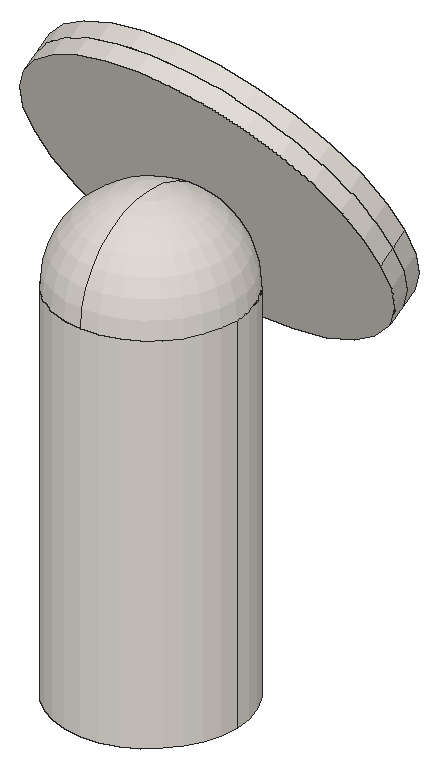
Revit family "ESPELHO REFLECTA - MARIANA ROMANO", category Modelos genéricos, Revit 2024
Family settings
  Pode hospedar o vergalhão = Não
  Cota do conector redondo = Utilizar diâmetro
  Tipo de parte = Normal
  Número OmniClass = 23.40.20.00
  Título OmniClass = General Furniture and Specialties
  Com base no plano de trabalho = Não
  Sempre na vertical = Sim
  Corte com vazios quando carregada = Não
  Manter orientação da anotação = Não
  Compartilhado = Não
  Ponto de cálculo do ambiente = Não
Parameters (values of type "CADEIRA_CHUVA_2")
  Elevação padrão = 0 mm
  Descrição = "Cadeira Chuva - Leo Romano"
Types (2, lengths in mm): name | Descrição
  CADEIRA_CHUVA_2 | "Cadeira Chuva - Leo Romano"
  CADEIRA_LÚCIO | "Cadeira Lúcio - Sergio Rodrigues"
Reference planes
  plane 1 "Centro (Frente/Trás)": y = 0
  plane 2: z = 0
  plane 3 "Centro (Esquerda/Direita)": x = 0
  plane 4: x = -229.556
  plane 5: x = 229.556
  plane 6: y = -94.766
  plane 7: z = 445
  plane 8: z = 800
  plane 9: x = -204.556
  plane 10: z = 750
  plane 11: z = 562.3
  plane 12 "Centro E/E": y = 105.21
  plane 13: z = 260
Forms (mm)
  Sweep 1, solid, material ".LR_MADEIRA CLARA", not visible
    path origin (283.843, 40, 0) x (0, -1, 0) y (0, 0, 1)
      loop
        line (-217.306, 763.122) -> (-186.623, 545.272)
        arc (-186.623, 545.272) -> (-178.883, 444.911) -> (-183.807, 344.372) r 800
        line (-183.807, 344.372) -> (-220.542, 17.429)
    profile origin (283.843, 241.964, 654.197) x (0, -0.990227, 0.139469) y (-1, 0, 0)
      loop
        circle (0, 488.399) r 17.5
  Revolve 2, solid, material ".LR_MADEIRA CLARA", not visible
    sketch origin (-204.556, -2.748, -19.507) x (0, 1, 0) y (0, 0, 1)
      loop
        line (260.053, 782.629) -> (277.382, 780.189)
        arc (277.382, 780.189) -> (274.033, 793.157) -> (262.494, 799.958) r 17.5
        line (262.494, 799.958) -> (260.053, 782.629)
      axis (262.494, 799.958) -> (260.053, 782.629)
    angle from 0 to 360
  Revolve 3, solid, material ".LR_MADEIRA CLARA", not visible
    sketch origin (-204.556, 0, 890) x (0, 1, 0) y (0, 0, 1)
      loop
        line (260.542, -872.571) -> (262.496, -889.962)
        arc (262.496, -889.962) -> (274.22, -883.486) -> (277.932, -870.617) r 17.5
        line (277.932, -870.617) -> (260.542, -872.571)
      axis (262.496, -889.962) -> (260.542, -872.571)
    angle from 0 to 360
  Extrusion 4, solid, material ".LR_MADEIRA CLARA"
    sketch origin (-428.2, -395.37, -240) x (1, 0, 0) y (0, 1, 0)
      loop
        circle (428.2, 10.37) r 50
    from 240 to 450
  Revolve 5, solid, material ".LR_MADEIRA CLARA"
    sketch origin (0, -706.849, 370) x (0, -1, 0) y (0, 0, -1)
      loop
        line (-321.849, 160) -> (-321.849, 110)
        arc (-321.849, 110) -> (-286.493, 124.645) -> (-271.849, 160) r 50
        line (-271.849, 160) -> (-321.849, 160)
      axis (-321.849, 110) -> (-321.849, 160)
    angle from 0 to 360
  Extrusion 6, solid, material ".LR_MADEIRA CLARA"
    sketch origin (-643.305, -693.18, 42.503) x (1, 0, 0) y (0, 0.5, -0.866025)
      loop
        circle (643.305, 5.21) r 100
    from 400 to 410
  Extrusion 7, solid, material ".LR_MADEIRA CLARA"
    sketch origin (-643.305, -684.52, 47.503) x (1, 0, 0) y (0, 0.5, -0.866025)
      loop
        circle (643.305, 5.21) r 100
      loop
        circle (643.305, 5.21) r 90
    from 400 to 410
  Extrusion 8, solid, material ".espelho_growarq"
    sketch origin (-643.305, -332.913, 250.503) x (1, 0, 0) y (0, 0.5, -0.866025)
      loop
        circle (643.305, 5.21) r 90
    from 0 to 3
Cuts and joins
  joined: Extrusion 4, Revolve 5
  joined: Extrusion 6, Extrusion 7
Dimensions and locks
  plane 1 "Centro (Frente/Trás)" to plane 6 = 94.766 mm
  equal spacing: plane 4, plane 3 "Centro (Esquerda/Direita)", plane 5
  plane 7 to level = 445 mm
  plane 8 to plane 7 = 355 mm
  plane 8 to level = 800 mm
  level to plane 7 = 445 mm
  plane 12 "Centro E/E" to plane 6 = 199.976 mm
  aligned and locked: level to plane 2
Automatic sketch dimensions
  Sweep 1 sketch curve to profile plane = 0 mm
  profile plane to Sweep 1 sketch curve = 488.399 mm
  Revolve 2 sketch curve to Revolve 2 sketch curve = 0 mm  (x3)
  Revolve 3 sketch curve to Revolve 3 sketch curve = 0 mm  (x3)
  Revolve 2 sketch curve to Revolve 2 sketch curve = 2.441 mm  (x2)
  Revolve 2 sketch curve to Revolve 2 sketch curve = 17.329 mm
  Revolve 2 sketch curve to Revolve 2 sketch curve = 3.234 mm
  Revolve 2 sketch curve to Revolve 2 sketch curve = 22.962 mm
  Revolve 3 sketch curve to Revolve 3 sketch curve = 1.954 mm
  Revolve 3 sketch curve to Revolve 3 sketch curve = 17.391 mm  (x2)
  Revolve 3 sketch curve to Revolve 3 sketch curve = 15.632 mm
  Revolve 3 sketch curve to Revolve 3 sketch curve = 139.125 mm
  Sweep 1 sketch curve to Sweep 1 sketch curve = 2.816 mm
  Sweep 1 sketch curve to Sweep 1 sketch curve = 792.181 mm
  Sweep 1 sketch curve to Sweep 1 sketch curve = 89.326 mm
  Sweep 1 sketch curve to Sweep 1 sketch curve = 30.683 mm
  Sweep 1 sketch curve to Sweep 1 sketch curve = 36.735 mm
  Sweep 1 sketch curve to Sweep 1 sketch curve = 326.943 mm
  Sweep 1 sketch curve to Sweep 1 sketch curve = 217.85 mm
  Extrusion 4 sketch curve to plane 3 "Centro (Esquerda/Direita)" = 0 mm
  plane 6 to Extrusion 4 sketch curve = 290.234 mm
  plane 13 to Revolve 5 sketch curve = 0 mm
  plane 13 to Revolve 5 sketch curve = 50 mm
  plane 6 to Revolve 5 sketch curve = 290.234 mm
  Revolve 5 sketch curve to Revolve 5 sketch curve = 0 mm
  Revolve 5 sketch curve to plane 13 = 10 mm
  Revolve 5 sketch curve to Revolve 5 sketch curve = 20 mm
  Extrusion 6 sketch curve to plane 3 "Centro (Esquerda/Direita)" = 0 mm
  Extrusion 7 sketch curve to Extrusion 7 sketch curve = 0 mm  (x2)
  Extrusion 7 sketch curve to plane 3 "Centro (Esquerda/Direita)" = 0 mm
  Extrusion 8 sketch curve to Extrusion 8 sketch curve = 0 mm  (x2)
  Extrusion 8 sketch curve to plane 3 "Centro (Esquerda/Direita)" = 0 mm
  Extrusion 8 sketch curve to plane 3 "Centro (Esquerda/Direita)" = 90 mm
  radius of Sweep 1 sketch curve = 17.5 mm
  radius of Extrusion 4 sketch curve = 50 mm
  radius of Extrusion 6 sketch curve = 100 mm
  radius of Extrusion 7 sketch curve = 100 mm
  radius of Extrusion 7 sketch curve = 90 mm
